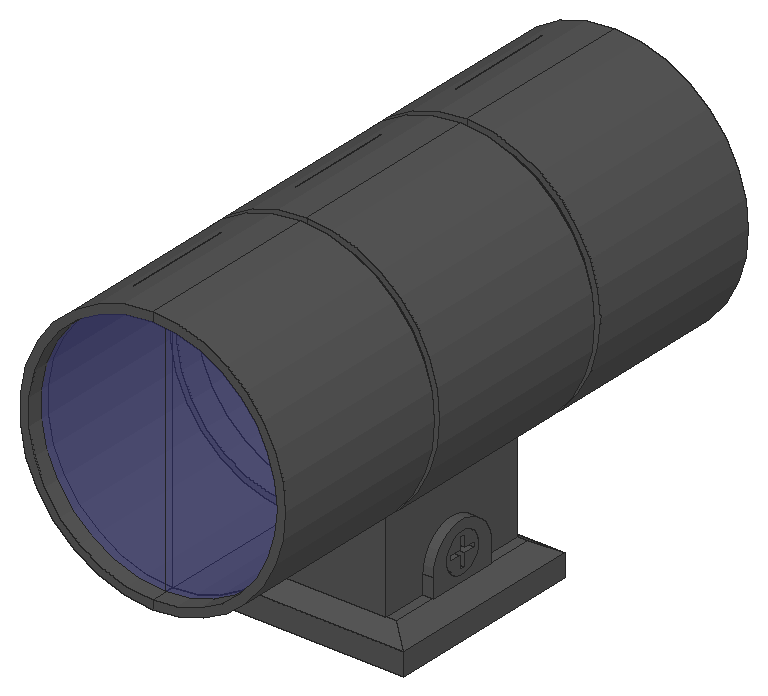
Revit family "CARLO CYLINDER LIGHT WALL MOUNT", category Lighting Fixtures, host Face, Revit 2020 (continued)
Types (10): name | Wattage_Input | Wattage Comments | Wattage | Photometric Web File | built-in parameter 1150142 | Model | built-in parameter 1150105 | Lumens | Light Length 1 | LIGHT RADIUS | LIGHT PLACEMENT | LIGHT LENGTH | LIGHT DIA | built-in parameter 1150106 | FIXED END HEIGHT | Curve base Height | Base Curve | BEAMING ANGLE | Apparent Load
    38 0.17089 0.21303 0.26051 0.3165 0.37388 0.42291 0.47455 0.53818 \r\n 0.60873 0.68572 0.76483 0.8375 0.91598 1.0154 1.1185 1.2114 1.2987 1.3764 \r\n 1.4601 1.574 1.6889 1.7781 1.8588 1.944 2.0204 2.076 2.12 2.1548 \r\n 2.1885 2.2323 2.2799 2.3276 2.3784 2.4332 2.4952 2.5677 2.6518 2.7511 \r\n 2.8616 2.9804 3.1078 3.2426 3.3865 3.5434 3.7056 3.8634 4.0275 4.2066 \r\n 4.3965 4.5978 4.8046 5.0078 5.2172 5.4407 5.6757 5.9225 6.181 6.4512 \r\n 6.733 7.0259 7.3312 7.6494 7.9829 8.3305 8.7041 9.1134 9.5633 10.067 \r\n 10.609 11.156 11.767 12.493 13.31 14.195 15.194 16.343 17.652 19.125 \r\n 20.81 22.667 24.959 27.865 31.596 35.863 42.339 52.769 66.657 84.956 \r\n 105.07 124.01 143.94 166.89 190.33 212.2 233.19 253.9 272.57 287.14 \r\n 299.05 308.68 317.22 326.19 334.97 343.15 351.62 361.45 371.67 381.54 \r\n 391.29 400.94 410.44 419.61 428.8 438.26 448.12 458.58 469.67 481.56 \r\n 494.15 507.49 521.26 535.05 549.16 563.78 578.79 594.03 609.76 626.38 \r\n 643.29 660.07 676.69 692.93 708.99 725 740.89 756.68 772.14 786.98 \r\n 801.38 815.61 829.12 841.28 852.62 863.47 873.81 883.7 893.21 902.69 \r\n 911.43 918.58 924.91 930.81 936.54 942.56 948.69 955.04 961.16 966.4 \r\n 971.37 976.64 981.64 985.84 989.71 993.47 997.29 1001.7 1005.9 1009.1 \r\n 1011.9 \r\n1006.9 1007.5 1002.7 997.33 991.9 986.81 981.89 977.11 972.49 968.13 \r\n 963.73 958.99 953.96 948.44 942.78 937.42 931.91 926.07 919.61 911.97 \r\n 903.66 895.2 886.05 875.66 864.55 853.16 841.25 828.58 815.53 802.52 \r\n 789.07 774.69 759.83 744.81 729.54 713.98 698.28 682.65 666.94 651.06 \r\n 635.05 618.75 602.62 587.23 572.19 557.24 542.55 528.18 514.12 500.14 \r\n 486.89 475.27 464.33 453.19 442.58 433.38 424.19 413.56 402.51 391.71 \r\n 380.72 369.04 357.51 347.07 336.91 326.32 315.91 306.47 296.69 285.23 \r\n 272.87 260.11 246.45 232.04 215.55 194.49 172.5 153.07 134.13 114.32 \r\n 94.965 76.578 60.286 47.459 37.87 32.454 29.102 25.849 23.207 21.085 \r\n 19.337 17.786 16.443 15.276 14.24 13.262 12.391 11.673 11.047 10.464 \r\n 9.9322 9.4451 8.9951 8.5706 8.1777 7.8216 7.4924 7.1822 6.889 6.6082 \r\n 6.3405 6.0881 5.8425 5.5917 5.3479 5.1203 4.907 4.7148 4.5273 4.3235 \r\n 4.1242 3.9463 3.7803 3.6245 3.4717 3.3069 3.1526 3.0359 2.9272 2.7979 \r\n 2.6712 2.5603 2.4668 2.405 2.3505 2.2722 2.2049 2.187 2.1754 2.1294 \r\n 2.0793 2.0462 2.0164 1.9881 1.9474 1.8733 1.785 1.6949 1.6015 1.5058 \r\n 1.4131 1.3349 1.257 1.1669 1.071 0.96614 0.86858 0.8051 0.74132 0.63808 \r\n 0.53644 0.47256 0.42204 0.37305 0.32406 0.26541 0.20974 0.17054 0.13561 0.093575 \r\n 0.055408 0.029481 0.012252 0.0043371 0.0016171 0.0001535 0.000017 0 0 0 \r\n 0 0 0 0 0 0.0010458 0.0065243 0.02107 0.041986 0.068226 \r\n 0.099475 0.13508 0.17501 0.21849 0.26708 0.32469 0.38351 0.43304 0.48521 0.5506 \r\n 0.62279 0.69956 0.77886 0.8546 0.93665 1.0396 1.1432 1.2269 1.306 1.3888 \r\n 1.4787 1.5893 1.6988 1.7847 1.863 1.9464 2.0216 2.0754 2.1191 2.1587 \r\n 2.1972 2.2397 2.2863 2.3389 2.3964 2.4566 2.5237 2.6007 2.6893 2.7942 \r\n 2.9098 3.0308 3.1606 3.3011 3.4509 3.6101 3.7748 3.938 4.1082 4.2928 \r\n 4.4876 4.6921 4.903 5.1144 5.3326 5.5623 5.8026 6.0537 6.3168 6.5934 \r\n 6.8829 7.1844 7.5004 7.832 8.1826 8.5534 8.9528 9.3877 9.8639 10.393 \r\n 10.964 11.559 12.221 12.991 13.864 14.839 15.934 17.157 18.543 20.114 \r\n 21.922 23.954 26.426 29.43 33.334 38.04 45.034 56.016 70.252 88.256 \r\n 107.98 127.07 147 169.22 191.61 212.23 232.04 251.83 270.11 285.5 \r\n 298.57 308.92 318.13 327.9 337.49 346.48 355.62 365.86 376.24 385.98 \r\n 395.51 405.02 414.37 423.34 432.27 441.38 450.83 460.84 471.5 483.02 \r\n 495.29 508.38 522.01 535.84 550.1 564.97 580.19 595.43 611.12 627.81 \r\n 644.81 661.65 678.32 694.6 710.68 726.68 742.61 758.71 774.46 789.3 \r\n 803.63 817.82 831.34 843.65 855.14 865.96 876.21 886 895.4 904.73 \r\n 913.33 920.42 926.77 932.86 938.76 944.72 950.69 956.82 962.74 968.02 \r\n 973.03 978.13 982.98 987.27 991.24 994.92 998.55 1002.6 1006.3 1009.2 \r\n 1011.9 \r\n1006.9 1007.1 1002.3 996.74 991.16 986.13 981.35 976.72 972.17 967.64 \r\n 963.03 958.25 953.23 947.75 942.14 936.8 931.3 925.34 918.81 911.38 \r\n 903.32 894.87 885.77 875.79 865.06 853.59 841.48 828.7 815.6 802.66 \r\n 789.36 775.19 760.52 745.56 730.36 715.1 699.68 684 668.23 652.62 \r\n 636.9 620.65 604.48 588.96 573.71 558.47 543.45 528.81 514.49 500.25 \r\n 486.72 474.69 463.37 452.09 441.31 431.62 421.98 411.3 400.38 389.77 \r\n 379.13 368.1 357.32 347.51 338.12 328.74 319.68 311.41 302.94 293.4 \r\n 282.83 271.19 257.89 242.4 224.53 203.18 180.61 158.88 137.58 117.01 \r\n 97.138 77.392 59.723 46.002 35.893 30.488 27.367 24.282 21.816 19.846 \r\n 18.242 16.836 15.623 14.547 13.591 12.714 11.935 11.268 10.682 10.149 \r\n 9.663 9.2101 8.7883 8.3889 8.0174 7.6801 7.3658 7.0652 6.7797 6.5071 \r\n 6.2479 6.0056 5.769 5.5228 5.2829 5.061 4.8538 4.6673 4.4854 4.2871 \r\n 4.0928 3.9183 3.7554 3.6036 3.4547 3.2925 3.1402 3.0253 2.9182 2.7903 \r\n 2.6657 2.5592 2.4697 2.4083 2.3539 2.2781 2.2133 2.1961 2.1847 2.139 \r\n 2.0902 2.0621 2.0366 2.0074 1.9632 1.8829 1.7892 1.7011 1.6089 1.504 \r\n 1.4028 1.3289 1.2585 1.174 1.0807 0.9696 0.86533 0.80271 0.74241 0.64364 \r\n 0.54563 0.48093 0.42871 0.38019 0.3318 0.27217 0.21589 0.17859 0.14583 0.10438 \r\n 0.066206 0.040559 0.022406 0.010006 0.0027419 0.0001581 0.000029 0 0 0 \r\n 0 0 0 0 0 0 0.0027765 0.016632 0.037859 0.065889 \r\n 0.099606 0.13784 0.18019 0.22506 0.27477 0.33388 0.39408 0.44442 0.49746 0.56462 \r\n 0.63837 0.7149 0.79457 0.87429 0.96063 1.0665 1.1698 1.244 1.3152 1.4043 \r\n 1.5014 1.6073 1.7097 1.7919 1.8676 1.9499 2.0242 2.0754 2.118 2.1627 \r\n 2.2065 2.2475 2.2926 2.3497 2.4135 2.4798 2.5529 2.635 2.7285 2.8392 \r\n 2.96 3.0841 3.2169 3.3631 3.5183 3.6798 3.8468 4.0162 4.1933 4.3834 \r\n 4.583 4.7908 5.0059 5.226 5.4536 5.6901 5.9362 6.192 6.46 6.7432 \r\n 7.0407 7.3514 7.6788 8.0243 8.3926 8.7875 9.2139 9.6757 10.179 10.732 \r\n 11.335 11.979 12.697 13.514 14.444 15.515 16.714 18.015 19.484 21.159 \r\n 23.1 25.324 27.997 31.098 35.193 40.43 48.041 59.634 74.236 91.888 \r\n 111.16 130.36 150.29 171.76 193.06 212.35 230.87 249.6 267.42 283.61 \r\n 297.86 308.95 318.88 329.5 339.96 349.8 359.66 370.32 380.87 390.47 \r\n 399.77 409.22 418.5 427.29 435.97 444.74 453.79 463.29 473.44 484.53 \r\n 496.44 509.23 522.69 536.58 551 566.13 581.59 596.84 612.49 629.19 \r\n 646.24 663.13 679.84 696.15 712.25 728.23 744.22 760.64 776.7 791.56 \r\n 805.8 819.91 833.4 845.88 857.55 868.38 878.58 888.33 897.65 906.79 \r\n 915.23 922.3 928.73 935.04 941.13 947.04 952.84 958.73 964.45 969.77 \r\n 974.83 979.73 984.39 988.78 992.86 996.47 999.89 1003.5 1006.8 1009.4 \r\n 1011.9 \r\n1006.9 1006.8 1001.9 996.26 990.54 985.58 980.93 976.43 971.95 967.25 \r\n 962.44 957.62 952.61 947.19 941.64 936.34 930.83 924.74 918.14 910.94 \r\n 903.15 894.72 885.68 876.11 865.74 854.21 841.92 829.07 815.94 803.11 \r\n 789.97 776.04 761.6 746.68 731.55 716.61 701.47 685.76 669.96 654.6 \r\n 639.14 622.97 606.76 591.11 575.66 560.13 544.82 529.93 515.37 500.92 \r\n 487.13 474.68 462.97 451.59 440.69 430.45 420.31 409.57 398.77 388.3 \r\n 377.96 367.54 357.48 348.22 339.53 331.33 323.59 316.43 309.24 301.63 \r\n 292.91 282.49 269.61 252.95 233.62 212.07 189.07 165.13 141.54 120.24 \r\n 99.858 78.75 59.679 45.013 34.299 28.763 25.743 22.795 20.503 18.672 \r\n 17.201 15.932 14.843 13.853 12.975 12.197 11.506 10.888 10.338 9.8525 \r\n 9.4108 8.9908 8.596 8.2206 7.8698 7.5507 7.2514 6.9606 6.6825 6.4174 \r\n 6.1658 5.9323 5.7038 5.4625 5.2267 5.0103 4.8087 4.6269 4.4496 4.2569 \r\n 4.0676 3.8962 3.7359 3.5875 3.442 3.2828 3.1327 3.0187 2.9123 2.7861 \r\n 2.6638 2.5611 2.4748 2.4128 2.3575 2.2841 2.2217 2.2042 2.1922 2.1474 \r\n 2.1006 2.0768 2.0549 2.0256 1.979 1.8931 1.7947 1.7093 1.6194 1.5068 \r\n 1.3979 1.3266 1.2617 1.1824 1.0918 0.97521 0.8648 0.80186 0.74395 0.65054 \r\n 0.55719 0.49136 0.43684 0.38849 0.34048 0.27981 0.22284 0.18701 0.15611 0.11565 \r\n 0.077858 0.052016 0.032375 0.01544 0.0037292 0.000096 0.000039 0 0 0 \r\n 0 0 0 0 0 0 0.00027544 0.013678 0.035356 0.065479 \r\n 0.10184 0.1424 0.1868 0.23311 0.28402 0.34442 0.40588 0.4573 0.51152 0.58049 \r\n 0.6558 0.73203 0.8121 0.89629 0.98719 1.0949 1.1971 1.2631 1.3277 1.4235 \r\n 1.5274 1.6277 1.7221 1.8008 1.8745 1.9558 2.0292 2.0774 2.1185 2.1683 \r\n 2.2172 2.2567 2.3003 2.3614 2.431 2.5036 2.583 2.6704 2.769 2.8852 \r\n 3.0112 3.1389 3.2754 3.4267 3.5866 3.75 3.9194 4.0951 4.2792 4.4745 \r\n 4.6787 4.8896 5.1088 5.3373 5.5739 5.8174 6.0695 6.3304 6.6037 6.8934 \r\n 7.1987 7.5184 7.8569 8.216 8.6016 9.0196 9.4719 9.9603 10.491 11.067 \r\n 11.699 12.392 13.165 14.029 15.017 16.182 17.481 18.861 20.416 22.198 \r\n 24.275 26.696 29.574 32.773 37.085 42.946 51.279 63.557 78.574 95.881 \r\n 114.69 134.01 153.96 174.76 195.07 213.11 230.38 248.02 265.27 282.11 \r\n 297.39 309.16 319.75 331.17 342.44 353.1 363.63 374.64 385.31 394.76 \r\n 403.84 413.28 422.55 431.2 439.67 448.17 456.87 465.9 475.56 486.24 \r\n 497.8 510.3 523.58 537.55 552.17 567.55 583.22 598.49 614.1 630.78 \r\n 647.81 664.71 681.45 697.77 713.88 729.84 745.88 762.55 778.86 793.74 \r\n 807.92 821.9 835.3 847.94 859.78 870.65 880.84 890.59 899.86 908.8 \r\n 917.06 924.15 930.69 937.24 943.54 949.4 955.06 960.72 966.25 971.6 \r\n 976.7 981.38 985.84 990.33 994.52 998.06 1001.3 1004.5 1007.3 1009.6 \r\n 1011.9 \r\n1006.9 1006.6 1001.7 995.95 990.14 985.23 980.66 976.26 971.81 966.96 \r\n 961.99 957.15 952.18 946.83 941.37 936.13 930.62 924.41 917.73 910.77 \r\n 903.25 894.86 885.87 876.65 866.61 855.05 842.65 829.77 816.67 803.96 \r\n 791.01 777.34 763.14 748.3 733.27 718.61 703.76 688.07 672.28 657.13 \r\n 641.89 625.79 609.57 593.81 578.18 562.43 546.88 531.8 517.06 502.45 \r\n 488.45 475.61 463.53 452.08 441.06 430.3 419.64 408.82 398.1 387.69 \r\n 377.55 367.61 358.12 349.27 341.12 333.89 327.24 321 314.87 308.99 \r\n 301.95 292.75 280.36 262.59 241.92 220.32 197.13 171.42 145.96 124.03 \r\n 103.16 80.84 60.488 44.876 33.474 27.602 24.479 21.6 19.458 17.731 \r\n 16.363 15.203 14.213 13.295 12.482 11.785 11.167 10.588 10.067 9.619 \r\n 9.213 8.8196 8.4466 8.0905 7.7564 7.4527 7.1661 6.8841 6.6127 6.3535 \r\n 6.1072 5.8802 5.6578 5.421 5.1892 4.9773 4.7798 4.6009 4.4266 4.2388 \r\n 4.0541 3.8848 3.7259 3.5799 3.4369 3.2805 3.1326 3.0181 2.9112 2.7868 \r\n 2.667 2.5668 2.482 2.4182 2.361 2.2895 2.2289 2.2096 2.1958 2.1525 \r\n 2.1082 2.0872 2.0676 2.0393 1.9921 1.9025 1.8012 1.7194 1.6326 1.5153 \r\n 1.401 1.33 1.2675 1.1919 1.1036 0.98315 0.86799 0.80349 0.74648 0.65883 \r\n 0.57077 0.50343 0.44599 0.39744 0.34953 0.28772 0.22988 0.19474 0.16506 0.12604 \r\n 0.089067 0.062366 0.040638 0.019781 0.0044289 0 0.000046 0 0 0 \r\n 0 0 0 0 0 0 0 0.013374 0.035695 0.068216 \r\n 0.10727 0.14947 0.19523 0.24299 0.29526 0.35671 0.41919 0.4719 0.52758 0.59849 \r\n 0.67539 0.75122 0.83158 0.92034 1.0156 1.1236 1.2237 1.2841 1.3449 1.4469 \r\n 1.5563 1.6503 1.7365 1.8138 1.8851 1.9652 2.0374 2.0826 2.1223 2.1766 \r\n 2.2302 2.2685 2.3107 2.3753 2.4503 2.5288 2.6143 2.7068 2.8103 2.9315 \r\n 3.0622 3.1941 3.3345 3.4901 3.6537 3.8186 3.9901 4.1717 4.3623 4.5624 \r\n 4.7706 4.9843 5.2071 5.4427 5.6874 5.9377 6.196 6.4621 6.7406 7.0366 \r\n 7.349 7.677 8.0255 8.3969 8.7979 9.2363 9.7116 10.224 10.78 11.377 \r\n 12.035 12.771 13.595 14.505 15.549 16.796 18.186 19.643 21.283 23.169 \r\n 25.379 27.986 31.063 34.362 38.918 45.501 54.671 67.719 83.227 100.26 \r\n 118.66 138.12 158.14 178.46 198 215.05 231.27 247.87 264.46 281.67 \r\n 297.65 309.94 321.07 333.11 345.02 356.35 367.42 378.63 389.32 398.61 \r\n 407.51 416.96 426.26 434.82 443.15 451.49 459.97 468.64 477.91 488.28 \r\n 499.58 511.83 524.99 539.06 553.89 569.48 585.32 600.64 616.22 632.82 \r\n 649.75 666.62 683.35 699.64 715.74 731.68 747.72 764.53 780.96 795.86 \r\n 809.99 823.79 837.05 849.79 861.78 872.69 882.9 892.69 901.94 910.69 \r\n 918.77 925.9 932.59 939.37 945.84 951.68 957.22 962.71 968.09 973.45 \r\n 978.55 983.04 987.32 991.88 996.15 999.64 1002.7 1005.5 1007.9 1009.9 \r\n 1011.9 \r\n1006.9 1006.8 1002 996.34 990.61 985.56 980.8 976.21 971.63 966.82 \r\n 961.96 957.23 952.42 947.32 942.11 937.09 931.72 925.37 918.56 911.75 \r\n 904.42 896.09 887.11 877.88 867.85 856.4 844.16 831.45 818.53 805.98 \r\n 793.23 779.85 765.97 751.42 736.63 722.16 707.49 692.12 676.6 661.48 \r\n 646.2 630.16 614 598.27 582.67 567.03 551.59 536.63 521.98 507.41 \r\n 493.41 480.43 468.21 456.71 445.6 434.5 423.46 412.35 401.37 390.73 \r\n 380.34 370.04 360.17 351.02 342.58 334.98 327.98 321.49 315.25 309.42 \r\n 302.68 294.35 282.66 264.39 243.18 221.96 199.55 175.01 150.51 128.53 \r\n 107.25 84.663 63.911 47.568 35.339 28.654 24.901 21.885 19.778 18.016 \r\n 16.615 15.411 14.385 13.459 12.643 11.93 11.294 10.699 10.163 9.7021 \r\n 9.2847 8.8827 8.5025 8.139 7.7992 7.4932 7.2067 6.9283 6.6599 6.3985 \r\n 6.1482 5.9163 5.6906 5.4568 5.2286 5.0161 4.816 4.6319 4.4531 4.2657 \r\n 4.082 3.9104 3.7486 3.6007 3.4565 3.301 3.1531 3.0332 2.9212 2.7996 \r\n 2.6823 2.5771 2.4856 2.4168 2.3556 2.2823 2.2196 2.1932 2.1738 2.1341 \r\n 2.094 2.0685 2.0452 2.0222 1.9833 1.9018 1.8082 1.7317 1.6501 1.5425 \r\n 1.4344 1.3549 1.2812 1.2015 1.1121 0.99434 0.88153 0.81264 0.7518 0.6689 \r\n 0.58562 0.51499 0.45283 0.40311 0.35451 0.29079 0.23071 0.19276 0.16156 0.12586 \r\n 0.091754 0.061234 0.03533 0.015518 0.0024547 0 0.000024 0 0 0 \r\n 0 0 0.000033 0.0015335 0.0037999 0.0047293 0.0099591 0.024528 0.048129 0.084635 \r\n 0.12654 0.16561 0.20792 0.25744 0.31231 0.37403 0.43658 0.49029 0.5476 0.6216 \r\n 0.70066 0.77399 0.85211 0.94496 1.0434 1.145 1.2399 1.3077 1.3775 1.4819 \r\n 1.5898 1.6758 1.7554 1.8369 1.9156 1.9922 2.0594 2.1042 2.1449 2.2009 \r\n 2.2561 2.2933 2.335 2.4027 2.4816 2.5626 2.6503 2.7452 2.851 2.974 \r\n 3.107 3.2433 3.3875 3.5436 3.7068 3.8714 4.0432 4.2267 4.4197 4.6226 \r\n 4.833 5.047 5.2697 5.5055 5.7518 6.0077 6.2726 6.5436 6.8266 7.1266 \r\n 7.4426 7.7729 8.1239 8.499 8.9047 9.3483 9.8302 10.352 10.917 11.525 \r\n 12.195 12.936 13.773 14.725 15.816 17.083 18.497 20.009 21.717 23.678 \r\n 25.973 28.69 31.857 35.046 39.716 47.171 57.449 71.556 87.884 105.01 \r\n 123.39 143.27 163.81 184.63 204.64 222.17 238.58 254.7 270.5 286.73 \r\n 301.85 313.83 324.79 336.46 348.01 359.16 370.02 380.68 390.83 399.91 \r\n 408.73 418.11 427.4 436.11 444.67 453.36 462.21 471.22 480.8 491.42 \r\n 502.92 515.32 528.61 542.94 557.99 573.64 589.5 604.94 620.55 636.85 \r\n 653.43 670.09 686.65 702.79 718.75 734.68 750.61 766.85 782.74 797.66 \r\n 811.87 825.41 838.35 850.84 862.68 873.59 883.88 893.82 903.19 911.82 \r\n 919.79 927.01 933.83 940.7 947.25 953.12 958.69 964.26 969.67 974.92 \r\n 979.88 984.33 988.6 993.11 997.36 1000.9 1004 1006.5 1008.5 1010.2 \r\n 1011.9 \r\n1006.9 1007.2 1002.4 996.91 991.3 986.1 981.09 976.28 971.57 966.8 \r\n 962.07 957.48 952.84 948 943.06 938.27 933.03 926.58 919.65 912.98 \r\n 905.83 897.57 888.62 879.31 869.25 857.96 845.95 833.46 820.77 808.41 \r\n 795.86 782.77 769.2 754.97 740.47 726.15 711.65 696.64 681.43 666.3 \r\n 650.94 634.95 618.87 603.19 587.68 572.19 556.94 542.14 527.63 513.16 \r\n 499.17 486.11 473.77 462.23 451.03 439.65 428.29 416.87 405.59 394.68 \r\n 383.96 373.15 362.74 353.15 344.23 336 328.38 321.39 314.78 308.67 \r\n 301.94 294.36 283.41 264.94 243.52 222.86 201.45 178.59 155.54 133.6 \r\n 111.96 89.344 68.411 51.389 38.26 30.504 25.845 22.588 20.467 18.616 \r\n 17.14 15.855 14.761 13.805 12.968 12.217 11.542 10.917 10.355 9.8695 \r\n 9.4303 9.0112 8.6167 8.2395 7.8886 7.5758 7.286 7.0089 6.7418 6.4762 \r\n 6.2196 5.9801 5.7487 5.5166 5.2911 5.0764 4.8719 4.681 4.496 4.3081 \r\n 4.1245 3.9493 3.7833 3.6322 3.4858 3.3309 3.1827 3.056 2.938 2.819 \r\n 2.7042 2.5925 2.4925 2.4179 2.352 2.2764 2.2107 2.1759 2.1498 2.1138 \r\n 2.078 2.0464 2.018 2.0006 1.9714 1.9001 1.8164 1.7452 1.6691 1.5742 \r\n 1.4747 1.3849 1.2974 1.2122 1.1214 1.008 0.89911 0.82484 0.75875 0.6804 \r\n 0.60193 0.52781 0.46069 0.40948 0.35992 0.29432 0.23194 0.19044 0.15699 0.12464 \r\n 0.093525 0.058788 0.028496 0.010515 0.00059029 0 0.000004 0 0 0 \r\n 0 0 0.000068 0.0031217 0.0079164 0.012815 0.02191 0.038191 0.063336 0.10374 \r\n 0.14825 0.18391 0.22252 0.27371 0.33114 0.3929 0.45535 0.5103 0.5695 0.64651 \r\n 0.7277 0.79902 0.8752 0.97147 1.0722 1.1662 1.2554 1.3333 1.4145 1.52 \r\n 1.6243 1.7027 1.7765 1.8637 1.9487 2.0213 2.0833 2.1281 2.1702 2.2271 \r\n 2.2829 2.3199 2.3618 2.4323 2.5144 2.5975 2.6871 2.7841 2.8919 3.0162 \r\n 3.1509 3.2917 3.4398 3.
